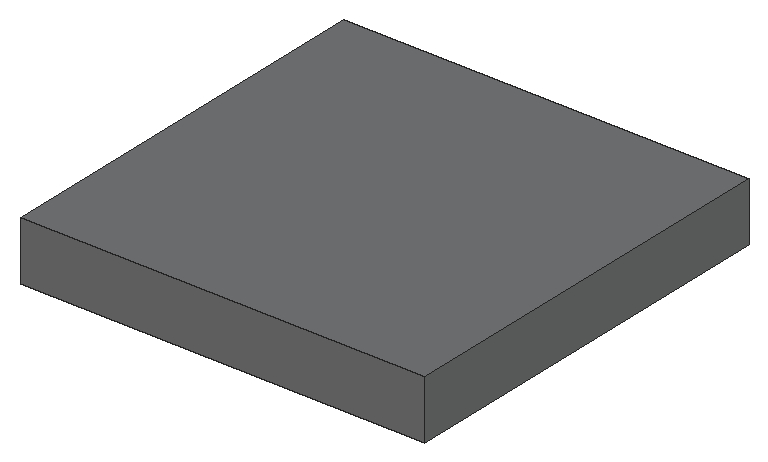
Revit family "Gira_086927", category Electrical Fixtures, host Face, Revit 2017
Family settings
  Host = Face
  Maintain Annotation Orientation = No
  Round Connector Dimension = Use Diameter
  Part Type = Normal
  Cut with Voids When Loaded = No
  Shared = No
  Room Calculation Point = No
Parameters (values of type "Abd. Koaxial-Antennensteckd. System 55 Reinweiß m")
  Zusammenstellung = "Zentralplatte"
  Werkstoffgüte = "sonstige"
  Werkstoff = "Kunststoff"
  Verwendung = "TAE"
  URL = "http://katalog.gira.de/de_DE/datenblatt.html?artikelnr=086927"
  Transparent = "No"
  Tragring = "No"
  Region = "DE"
  RAL-Nummer (ähnlich) = "9010 "
  Oberfläche = "sonstige"
  Name = "Abd. BSF TAE USB System 55 F Alu"
  Montageart = "unter Putz"
  Mit Zugentlastung = "No"
  Mit Staubschutz = "No"
  Mit Klappdeckel = "No"
  Mit Aufdruck = "No"
  Manufacturer URL = "https://www.gira.de/"
  Lüsterklemme = "No"
  Keynote = "Sys55_Abdeckung_Schalten und Tasten"
  HeinzeBIM = "https://bimportal.heinze.de/bim/abd-bsf-tae-usb-system-55-f-alu/6147ddd8c4e9eee06b49a15e3950169a36f4b97a"
  Halogenfrei = "Yes"
  HAN = "087626"
  Geeignet für Schutzart (IP) = "IP20"
  GTIN = "4010337876267"
  Farbe = "aluminium"
  Default Elevation = 1219.2 mm
  Data sheet (1) = "https://katalog.gira.de/de_DE/download.html?artikelnr=087626"
  Category = "Einsatz/Abdeckung für Kommunikationstechnik"
  Beschriftungsfeld = "mit Beschriftungsfeld"
  Befestigungsart = "Befestigung mit Schraube"
  Available = "Yes"
  Ausführung der Oberfläche = "nicht zutreffend"
  Anthrazit [instance] = Anthrazit
Reference planes
  plane 1 "Center (Front/Back)": y = 0
  plane 2: z = 0
  plane 3 "Center (Left/Right)": x = 0
Forms (mm)
  Extrusion 1, solid, material "Anthrazit" <- "Anthrazit", detail levels fine
    sketch origin (0, 0, 0) x (1, 0, 0) y (0, 1, 0)
      loop
        line (-27.5, 27.5) -> (-27.5, -27.5) -> (27.5, -27.5) -> (27.5, 27.5) -> (-27.5, 27.5)
    from 0 to 8
  Extrusion 2, void
    sketch origin (0, 0, 0) x (1, 0, 0) y (0, 1, 0)
      loop
        line (26, 26) -> (-26, 26) -> (-26, -26) -> (26, -26) -> (26, 26)
    from 0 to 6
  Extrusion 3, solid, material "Anthrazit" <- "Anthrazit", detail levels medium
    sketch origin (0, 0, 0) x (1, 0, 0) y (0, 1, 0)
      loop
        line (-27.5, 27.5) -> (-27.5, -27.5) -> (27.5, -27.5) -> (27.5, 27.5) -> (-27.5, 27.5)
    from 0 to 8
  Extrusion 4, solid, material "Anthrazit" <- "Anthrazit", detail levels medium
    sketch origin (0, 0, 0) x (1, 0, 0) y (0, 1, 0)
      loop
        line (11, -17.5) -> (11, 17.5) -> (-11, 17.5) -> (-11, -17.5) -> (11, -17.5)
    from -6 to 6
  Extrusion 5, solid, material "Anthrazit" <- "Anthrazit", detail levels fine
    sketch origin (0, 0, 0) x (1, 0, 0) y (0, 1, 0)
      loop
        line (11, 17.5) -> (-11, 17.5) -> (-11, 16.5) -> (11, 16.5) -> (11, 17.5)
      loop
        line (-11, -16.5) -> (-11, -17.5) -> (11, -17.5) -> (11, -16.5) -> (-11, -16.5)
    from -4 to 6
  Extrusion 6, solid, material "Anthrazit" <- "Anthrazit", detail levels fine
    sketch origin (0, 0, 0) x (1, 0, 0) y (0, 1, 0)
      loop
        arc (5, 9.347) -> (0, 10.6) -> (-5, 9.347) r 10.6
        line (-5, 9.347) -> (-5, -9.347)
        arc (-5, -9.347) -> (0, -10.6) -> (5, -9.347) r 10.6
        line (5, -9.347) -> (5, 9.347)
    from -6 to 6
  Extrusion 7, solid, material "Anthrazit" <- "Anthrazit", detail levels coarse
    sketch origin (0, 0, 0) x (1, 0, 0) y (0, 1, 0)
      loop
        line (-27.5, 27.5) -> (-27.5, -27.5) -> (27.5, -27.5) -> (27.5, 27.5) -> (-27.5, 27.5)
    from -6 to 8
Cuts and joins
  Extrusion 2 cuts Extrusion 1
Dimensions and locks
  aligned and locked: plane 2 to host face
  aligned and locked: level to host face
